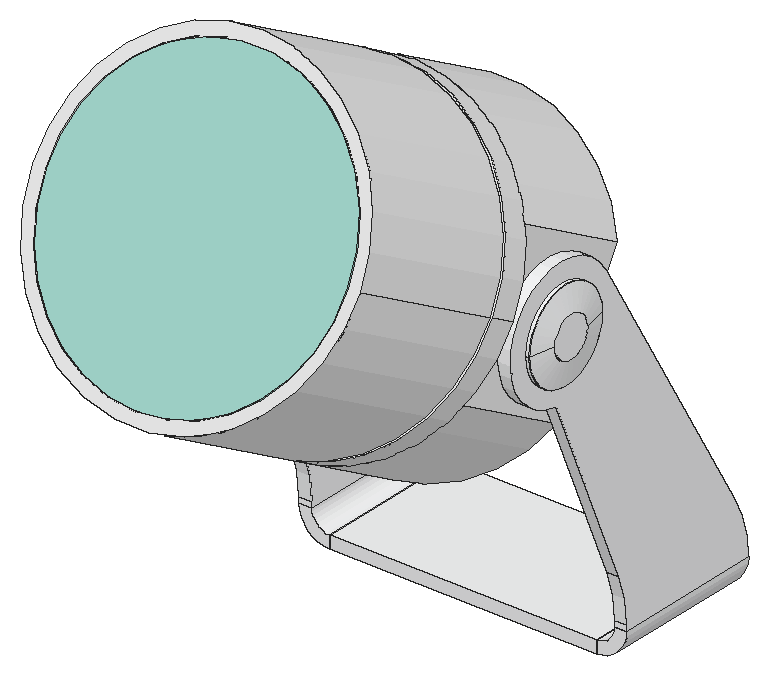
Revit family "Ginko 2.2", category Lighting Fixtures, Revit 2017
Family settings
  Round Connector Dimension = Use Diameter
  Part Type = Normal
  OmniClass Number = 23.80.70.00
  OmniClass Title = Lighting
  Work Plane-Based = Yes
  Always vertical = No
  Cut with Voids When Loaded = No
  Light Source = No
  Shared = No
  Room Calculation Point = No
Parameters (values of type "Ginko 2.2_L 45° (RGB 5W 3x500mA)")
  X1 = 100 mm
  Wiring = "series"
  Width mm = 54 mm
  Weight kg = "0.38"
  Voltage = 0 V
  Vertical rotation max = 190.00°
  Vertical Rotation max_1 [instance] = 50.00°
  Vertical Rotation Adjusted [instance] = if(Vertical Rotation 2 < Vertical Rotation min, Vertical Rotation min, if(Vertical Rotation 2 > Vertical Rotation max_1, Vertical Rotation max_1, Vertical Rotation 2))  # -60.00°
  Vertical Rotation 2 [instance] = Vertical Rotation - 90.00°  # -60.00°
  Vertical Rotation min [instance] = -140.00°
  URL Accessories and power supply units = "https://www.lucelight.it/en/prodotto.php/103341#a-scheda-accessori"
  URL = "https://www.lucelight.it/en/prodotto.php/103341"
  Top = L&L_White
  URL Technical sheet = "https://www.lucelight.it/media/prodotti/st/ST_GINKO_20-22.pdf"
  URL Image = "https://www.lucelight.it/media/prodotti/foto/ginko_2.2_still.jpg"
  URL IES Photometric file = "https://www.lucelight.it/media/prodotti/fotometrie/ginko_2.2_ies.zip"
  URL General code = "https://www.lucelight.it/en/prodotto.php/103341#a-generacodice"
  URL Description = "https://www.lucelight.it/en/capitolato.php/103341"
  URL DXF = "https://www.lucelight.it/media/prodotti/dxf/ginko_2.0-2.2.dxf"
  URL Catalogue = "https://www.lucelight.it/media/prodotti/brochure/ginko_brochure_en.pdf"
  Power supply unit = "not included"
  Power supply = "500mA"
  Power cables = "includes 1,5 m FEP+RUB cable (equivalent to H05RN-F cable) 6x0,50/0,50 Ø6,3 mm"
  Power = "5W"
  Optics = "45°"
  No. and type of led = "3 power LEDs; 50000h L90 B10  (Ta 25°C)"
  Model = "Ginko 2.2"
  Manufacturer = "L&L Luce&Light"
  Light Source = Light Source_2.2 : L45°
  Geometry = Ginko2.2_mod : Ginko_2.0
  Notes = "-"
  Mounting = "surface mounted (ceiling, wall, ground, spike)"
  Middle = L&L_White
  Material = "body in AISI 316L stainless steel or anticorodal aluminium, AISI 316L stainless steel bracket, screen in tempered, transparent extra-clear glass"
  Lumen output at source = "253 lm; 82 lm (R); 114 lm (G); 57 lm (B)"
  Description = "Outdoor projectors"
  Base = L&L_White
  Lens = L&L_Lens
  Length mm = 58 mm
  LED Colour = "RGB"
  IP = "66"
  Height mm = 107 mm
  H1 = 55 mm
  Vertical Rotation [instance] = 30.00°
  Features = "-"
  Energy efficiency class = "A A+ A++"
  Delivered lumen output = "191 lm; 70 lm (R); 90 lm (G); 31 lm (B)"
  Default Elevation = 1219.2 mm
  Cutout dimensions = "-"
  Control system = "-"
  Contact = "T: +39 0444 360571; E: lucelight@lucelight.it"
  Company = "L&L Luce&Light"
  Code = "GN2232 6 I Stainless steel; GN2232 6 E White; GN2232 6 N Black anodized; GN2232 6 F Grey; GN2232 6 H Anthracite; GN2232 6 T Cor-ten; GN2232 6 5 Jasper green"
  CRI = "-"
  Base bracket = Ginko2.0_Base bracket : Ginko2.0_Base bracket
  Bracket = L&L_Stainless steel
  Apparent Load Phase 1 = 5 W
Types (5, lengths in mm): name | Optics | Light Source
  Ginko 2.2_L 45° (RGB 5W 3x500mA) | "45°" | Light Source_2.2 : L45°
  Ginko 2.2_M 34° (RGB 5W 3x500mA) | "34°" | Light Source_2.2 : M34°
  Ginko 2.2_S 20° (RGB 5W 3x500mA) | "20°" | Light Source_2.2 : S20°
  Ginko 2.2_W 21°x42° (RGB 5W 3x500mA) | "21°x42°" | Light Source_2.2 : W21°x42°
  Ginko 2.2_X 42°x21° (RGB 5W 3x500mA) | "42°x21°" | Light Source_2.2 : X42°x21°
Reference planes
  plane 1 "Light Source Axis (F/B)": y = 0
  plane 2: z = 0
  plane 3 "Light Source Axis (L/R)": x = 0
  plane 4 "Light Source Elevation": z = 55
  plane 5: y = 100
Lines and regions (mm)
  reference lines
    curve 1: line (0, 100, 55) -> (0, 151.962, 25)
Dimensions and locks
  "X1": plane 1 "Light Source Axis (F/B)" to plane 5
  "H1": level to plane 4 "Light Source Elevation"
  "Vertical Rotation Adjusted": angle plane 1 "Light Source Axis (F/B)" to curve 1
  aligned and locked: level to plane 2
  aligned and locked: plane 5 to curve 1
  aligned and locked: plane 4 "Light Source Elevation" to curve 1
Nested families
  nested 1: "Ginko2.0_Base bracket" at (0, 100, 0), type <- "Base bracket", type "Ginko2.0_Base bracket"
  nested 2: "Ginko2.2_mod" at (0, 108.66, 50) x (1, 0, 0) z (0, -0.866, 0.5), type <- "Geometry", type "Ginko_2.0"
  nested 3: "Light Source_2.2" at (0.13, 58.18, 78.966) x (0, 0.5, 0.866) z (0, -0.866, 0.5), type <- "Light Source", type "L45°"
Connectors
  electrical at (0, 100, 0), driven by "Voltage", driven by "Apparent Load Phase 1"
    settings: index 1, voltage 0 V, apparent load 0 VA, apparent load phase1 5 VA, apparent load phase2 0 VA, apparent load phase3 0 VA, power factor 1, load classification "Lighting", number of poles 1, system type 31, power factor state 1, is connector primary yes, connector utility no, sub classification motor no, connector description ""
Definition of nested family "Ginko2.0_Base bracket"
  Parameters (values of type "Ginko2.0_Base bracket")
    Lenght Ginko braket 4 = 0.7 mm
    Lenght Ginko braket 3 = 1.6 mm
    Lenght Ginko braket 2 = 43.391 mm
    Lenght Ginko braket = 84 mm
    Default Elevation = 1219.2 mm
    Base Braket = none
  Reference planes
    plane 1 "Light Source Axis (F/B)": y = 0
    plane 2: z = 0
    plane 3 "Light Source Axis (L/R)": x = 0
    plane 4 "Light Source Elevation": z = 1500
    plane 5: x = 0
  Forms (mm)
    Extrusion 1, solid, material <- "Base Braket", detail levels coarse
      sketch origin (27, -86.295, 0) x (0, 1, 0) y (0, 0, -1)
        loop
          line (103.615, 0) -> (78.12, -60.061) -> (95.061, -60.061) -> (130.209, 0) -> (103.615, 0)
      from 0 to 54
    Extrusion 2, solid, material <- "Base Braket", detail levels medium+fine
      sketch origin (-0.3, 0, 0) x (1, 0, 0) y (0, 1, 0)
        loop
          line (22.3, 38.11) -> (-21.7, 38.11) -> (-21.7, 13.11) -> (22.3, 13.11) -> (22.3, 38.11)
      from 0 to 2
    Extrusion 3, solid, material <- "Base Braket", detail levels medium
      sketch origin (-27, 246.043, -311.567) x (0, -1, 0) y (0, 0, -1)
        loop
          arc (237.371, -371.871) -> (255.236, -372.292) -> (247.606, -356.133) r 10.5
          line (247.606, -356.133) -> (234.523, -325.313)
          arc (234.523, -325.313) -> (233.335, -321.486) -> (232.933, -317.498) r 20
          line (232.933, -317.498) -> (232.933, -316.567) -> (207.938, -316.567)
          arc (207.938, -316.567) -> (208.686, -321.582) -> (210.672, -326.247) r 20
          line (210.672, -326.247) -> (237.371, -371.871)
      from 0 to 2
    Extrusion 4, solid, material <- "Base Braket", detail levels medium
      sketch origin (151.029, 38.11, 0.083) x (-1, 0, 0) y (0, 0, -1)
        loop
          line (176.029, -4.917) -> (178.029, -4.917)
          arc (178.029, -4.917) -> (176.565, -1.382) -> (173.029, 0.083) r 5
          line (173.029, 0.083) -> (173.029, -1.917)
          arc (173.029, -1.917) -> (175.15, -2.796) -> (176.029, -4.917) r 3
      from 0 to 25
    Extrusion 5, solid, material <- "Base Braket", detail levels fine
      sketch origin (151.029, 38.11, 0.083) x (-1, 0, 0) y (0, 0, -1)
        loop
          line (176.029, -4.917) -> (178.029, -4.917)
          arc (178.029, -4.917) -> (176.565, -1.382) -> (173.029, 0.083) r 5
          line (173.029, 0.083) -> (173.029, -1.917)
          arc (173.029, -1.917) -> (175.15, -2.796) -> (176.029, -4.917) r 3
      from 0 to 25
    Extrusion 6, solid, material <- "Base Braket", detail levels fine
      sketch origin (-27, 246.043, -311.567) x (0, -1, 0) y (0, 0, -1)
        loop
          arc (237.371, -371.871) -> (255.236, -372.292) -> (247.606, -356.133) r 10.5
          line (247.606, -356.133) -> (234.523, -325.313)
          arc (234.523, -325.313) -> (233.335, -321.486) -> (232.933, -317.498) r 20
          line (232.933, -317.498) -> (232.933, -316.567) -> (207.938, -316.567)
          arc (207.938, -316.567) -> (208.686, -321.582) -> (210.672, -326.247) r 20
          line (210.672, -326.247) -> (237.371, -371.871)
      from 0 to 2
    Extrusion 7, solid, material <- "Base Braket", detail levels fine
      sketch origin (-27, 0, 0) x (0, 1, 0) y (0, 0, -1)
        loop
          circle (-0.39, -54.917) r 7.5
      from 0 to 0.7
    Blend 8, solid, material <- "Base Braket", detail levels fine
      base sketch origin (-27, 0, 0) x (0, 1, 0) y (0, 0, -1)
        loop
          circle (-0.39, -54.917) r 7.5
      top sketch origin (-27, 0, 0) x (0, 1, 0) y (0, 0, -1)
        loop
          circle (-0.39, -54.917) r 3.35
      from 0.7 to 1.6
    Extrusion 9, solid, material <- "Base Braket", detail levels fine
      sketch origin (-151.029, 38.11, 0.083) x (1, 0, 0) y (0, 0, 1)
        loop
          arc (176.029, 4.917) -> (175.15, 2.796) -> (173.029, 1.917) r 3
          line (173.029, 1.917) -> (173.029, -0.083)
          arc (173.029, -0.083) -> (176.565, 1.382) -> (178.029, 4.917) r 5
          line (178.029, 4.917) -> (176.029, 4.917)
      from 0 to 25
    Extrusion 10, solid, material <- "Base Braket", detail levels fine
      sketch origin (27, 246.043, -311.567) x (0, -1, 0) y (0, 0, 1)
        loop
          line (237.371, 371.871) -> (210.672, 326.247)
          arc (210.672, 326.247) -> (208.686, 321.582) -> (207.938, 316.567) r 20
          line (207.938, 316.567) -> (232.933, 316.567) -> (232.933, 317.498)
          arc (232.933, 317.498) -> (233.335, 321.486) -> (234.523, 325.313) r 20
          line (234.523, 325.313) -> (247.606, 356.133)
          arc (247.606, 356.133) -> (255.236, 372.292) -> (237.371, 371.871) r 10.5
      from 0 to 2
    Extrusion 11, solid, material <- "Base Braket", detail levels fine
      sketch origin (27, 0, 0) x (0, 1, 0) y (0, 0, 1)
        loop
          circle (-0.39, 54.917) r 7.5
      from 0 to 0.7
    Blend 12, solid, material <- "Base Braket", detail levels fine
      base sketch origin (27, 0, 0) x (0, 1, 0) y (0, 0, 1)
        loop
          circle (-0.39, 54.917) r 7.5
      top sketch origin (27, 0, 0) x (0, 1, 0) y (0, 0, 1)
        loop
          circle (-0.39, 54.917) r 3.35
      from 0.7 to 1.6
    Extrusion 13, solid, material <- "Base Braket", detail levels medium
      sketch origin (27, 246.043, -311.567) x (0, -1, 0) y (0, 0, 1)
        loop
          line (237.371, 371.871) -> (210.672, 326.247)
          arc (210.672, 326.247) -> (208.686, 321.582) -> (207.938, 316.567) r 20
          line (207.938, 316.567) -> (232.933, 316.567) -> (232.933, 317.498)
          arc (232.933, 317.498) -> (233.335, 321.486) -> (234.523, 325.313) r 20
          line (234.523, 325.313) -> (247.606, 356.133)
          arc (247.606, 356.133) -> (255.236, 372.292) -> (237.371, 371.871) r 10.5
      from 0 to 2
    Extrusion 14, solid, material <- "Base Braket", detail levels medium
      sketch origin (-151.029, 38.11, 0.083) x (1, 0, 0) y (0, 0, 1)
        loop
          arc (176.029, 4.917) -> (175.15, 2.796) -> (173.029, 1.917) r 3
          line (173.029, 1.917) -> (173.029, -0.083)
          arc (173.029, -0.083) -> (176.565, 1.382) -> (178.029, 4.917) r 5
          line (178.029, 4.917) -> (176.029, 4.917)
      from 0 to 25
  Dimensions and locks
    aligned and locked: level to plane 2
Definition of nested family "Ginko2.2_mod"
  Parameters (values of type "Ginko_2.0")
    Upper Snoot = none
    Radius bottom = 24.95 mm
    Radius Ginko middle = 26 mm
    Radius Ginko inside = 24.95 mm
    Radius Ginko = 27 mm
    Middle ring 3.4 = no
    Middle ring 1.4 = no
    Middle ring = no
    Middle Snoot = none
    Lower Snoot = none
    Lens = none
    Height middle ring = 4.361 mm
    Height lower ring = 26.7 mm
    Height Ginko up = 30.7 mm
    Height Ginko glass = 57.2 mm
    Height Ginko bottom = 27.5 mm
    Height Ginko = 58.2 mm
    Default Elevation = 1219.2 mm
  Reference planes
    plane 1 "Light Source Axis (F/B)": y = 0
    plane 2: z = 0
    plane 3 "Light Source Axis (L/R)": x = 0
    plane 4 "Light Source Elevation": z = 1500
    plane 5: z = 58.2
    plane 6: z = 57.2
    plane 7: z = 50.5
    plane 8: z = 27.5
    plane 9: z = 57.9
    plane 10: z = 26.7
    plane 11: z = 27.7
    plane 12: z = 13.35
  Forms (mm)
    Extrusion 1, solid, material <- "Lower Snoot", detail levels coarse
      sketch origin (0, 0, 0) x (1, 0, 0) y (0, 1, 0)
        loop
          circle (0, 0) r 27
      from 0 to 58.2
    Extrusion 2, solid, material <- "Lower Snoot", detail levels medium
      sketch origin (0, 0, 0) x (1, 0, 0) y (0, 1, 0)
        loop
          circle (0, 0) r 27
        loop
          circle (0, 0) r 24.95
      from 22 to 58.2
    Extrusion 3, solid, material <- "Lens", detail levels medium
      sketch origin (0, 0, 57.2) x (1, 0, 0) y (0, 1, 0)
        loop
          circle (0, 0) r 24.95
      from 0 to 1
    Extrusion 4, solid, material <- "Lower Snoot", detail levels fine
      sketch origin (0, 0, -27.3) x (1, 0, 0) y (0, 1, 0)
        loop
          circle (0, 0) r 27
      from 49.3 to 54
    Extrusion 5, solid, material <- "Middle Snoot", detail levels fine
      sketch origin (0, 0, 0) x (1, 0, 0) y (0, 1, 0)
        loop
          circle (0, 0) r 26
      from 26.7 to 27.7
    Extrusion 6, solid, material <- "Upper Snoot", detail levels fine
      sketch origin (0, 0, 0.2) x (1, 0, 0) y (0, 1, 0)
        loop
          circle (0, 0) r 27
        loop
          circle (0, 0) r 24.95
      from 27.3 to 58
    Extrusion 7, solid, material <- "Lens", detail levels fine
      sketch origin (0, 0, 57.2) x (1, 0, 0) y (0, 1, 0)
        loop
          circle (0, 0) r 24.95
      from 0 to 1
    Extrusion 8, solid, material <- "Lower Snoot", detail levels fine
      sketch origin (0, 0, -37.3) x (1, 0, 0) y (0, 1, 0)
        loop
          arc (-24, -12.369) -> (0, -27) -> (24, -12.369) r 27
          line (24, -12.369) -> (24, 12.369)
          arc (24, 12.369) -> (0, 27) -> (-24, 12.369) r 27
          line (-24, 12.369) -> (-24, -12.369)
      from 37.3 to 59.3
    Extrusion 9, solid, material <- "Lower Snoot", detail levels medium
      sketch origin (0, 0, 22) x (1, 0, 0) y (0, 1, 0)
        loop
          circle (0, 0) r 24.95
      from 0 to 1.5
    Extrusion 10, solid, material <- "Lower Snoot", detail levels medium
      sketch origin (0, 0, -38.35) x (1, 0, 0) y (0, 1, 0)
        loop
          arc (24, 12.369) -> (0, 27) -> (-24, 12.369) r 27
          line (-24, 12.369) -> (-24, -12.369)
          arc (-24, -12.369) -> (0, -27) -> (24, -12.369) r 27
          line (24, -12.369) -> (24, 12.369)
      from 38.35 to 60.35
  Cuts and joins
    joined: Extrusion 4, Extrusion 8
    joined: Extrusion 2, Extrusion 10
  Dimensions and locks
    plane 5 to plane 2 = 58.2 mm
    "Height Ginko": plane 5 to level
    "Height Ginko glass": plane 6 to plane 2
    level to plane 7 = 50.5 mm
    Extrusion 7 to Extrusion 6 = 1 mm
    locked: Extrusion 3 to Extrusion 2 at 1
    "Height lower ring": level to plane 10
    locked: plane 10 to plane 11 at 1
    plane 5 to plane 6 = 1 mm
    "Height Ginko up": plane 8 to plane 5
    equal spacing: plane 10, plane 12, plane 2
    "Radius Ginko": radius of Extrusion 1 sketch curve
    "Radius Ginko": radius of Extrusion 2 sketch curve
    "Radius Ginko inside": radius of Extrusion 2 sketch curve
    "Radius bottom": radius of Extrusion 3 sketch curve
    "Radius Ginko": radius of Extrusion 6 sketch curve
    "Radius Ginko inside": radius of Extrusion 6 sketch curve
    "Radius Ginko": radius of Extrusion 4 sketch curve
    "Radius Ginko middle": radius of Extrusion 5 sketch curve
    "Radius Ginko inside": radius of Extrusion 7 sketch curve
    "Radius bottom": radius of Extrusion 9 sketch curve
    "Radius Ginko": radius of Extrusion 10 sketch curve
    aligned and locked: level to plane 2
    aligned and locked: plane 5 to Extrusion 1
    aligned and locked: plane 5 to Extrusion 2
    aligned and locked: plane 5 to Extrusion 6
    aligned and locked: plane 5 to Extrusion 3
    aligned and locked: Extrusion 4 to Extrusion 5
    aligned and locked: plane 10 to Extrusion 4
    aligned and locked: Extrusion 5 to plane 10
    aligned and locked: Extrusion 5 to plane 11
    aligned and locked: Extrusion 7 to plane 6
    aligned and locked: plane 5 to Extrusion 7
    aligned and locked: Extrusion 6 to Extrusion 7
    aligned and locked: plane 8 to Extrusion 6
  Automatic sketch dimensions
    Extrusion 8 sketch curve to Extrusion 8 sketch curve = 0 mm  (x2)
    plane 1 "Light Source Axis (F/B)" to Extrusion 8 sketch curve = 0 mm
    Extrusion 8 sketch curve to plane 3 "Light Source Axis (L/R)" = 0 mm
    Extrusion 8 sketch curve to plane 1 "Light Source Axis (F/B)" = 12.369 mm  (x2)
    Extrusion 8 sketch curve to plane 3 "Light Source Axis (L/R)" = 24 mm
    plane 1 "Light Source Axis (F/B)" to Extrusion 8 sketch curve = 12.369 mm
    plane 1 "Light Source Axis (F/B)" to Extrusion 1 sketch curve = 0 mm
    Extrusion 1 sketch curve to plane 3 "Light Source Axis (L/R)" = 0 mm
    Extrusion 2 sketch curve to Extrusion 2 sketch curve = 0 mm  (x2)
    plane 1 "Light Source Axis (F/B)" to Extrusion 2 sketch curve = 0 mm
    Extrusion 2 sketch curve to plane 3 "Light Source Axis (L/R)" = 0 mm
    plane 1 "Light Source Axis (F/B)" to Extrusion 3 sketch curve = 0 mm
    Extrusion 3 sketch curve to plane 3 "Light Source Axis (L/R)" = 0 mm
    plane 1 "Light Source Axis (F/B)" to Extrusion 4 sketch curve = 0 mm
    Extrusion 4 sketch curve to plane 3 "Light Source Axis (L/R)" = 0 mm
    plane 1 "Light Source Axis (F/B)" to Extrusion 5 sketch curve = 0 mm
    Extrusion 5 sketch curve to plane 3 "Light Source Axis (L/R)" = 0 mm
    Extrusion 6 sketch curve to Extrusion 6 sketch curve = 0 mm  (x2)
    plane 1 "Light Source Axis (F/B)" to Extrusion 6 sketch curve = 0 mm
    Extrusion 6 sketch curve to plane 3 "Light Source Axis (L/R)" = 0 mm
    plane 1 "Light Source Axis (F/B)" to Extrusion 7 sketch curve = 0 mm
    Extrusion 7 sketch curve to plane 3 "Light Source Axis (L/R)" = 0 mm
    plane 1 "Light Source Axis (F/B)" to Extrusion 9 sketch curve = 0 mm
    Extrusion 9 sketch curve to plane 3 "Light Source Axis (L/R)" = 0 mm
    Extrusion 10 sketch curve to Extrusion 10 sketch curve = 0 mm  (x2)
    plane 1 "Light Source Axis (F/B)" to Extrusion 10 sketch curve = 0 mm
    Extrusion 10 sketch curve to plane 3 "Light Source Axis (L/R)" = 0 mm
    plane 1 "Light Source Axis (F/B)" to Extrusion 10 sketch curve = 12.369 mm
    Extrusion 10 sketch curve to plane 3 "Light Source Axis (L/R)" = 24 mm
    Extrusion 10 sketch curve to plane 1 "Light Source Axis (F/B)" = 12.369 mm
Definition of nested family "Light Source_2.2"
  Parameters (values of type "L45°")
    Wattage = 1.70322 W
    built-in parameter 1150110 = 1 (stored number, unit not read)
    built-in parameter 1114217 = 1 (stored number, unit not read)
    Tilt Angle = 90.00°
    built-in parameter 1150109 = 1 (stored number, unit not read)
    built-in parameter 1150134 = (empty or 0)
    built-in parameter 1150113 = 1 (stored number, unit not read)
    Photometric Web File = "GINKO 2.2 L 45° [RGB 5W 3x500mA].IES"
    Lumens = 253 lm
    built-in parameter 1150115 = 1 (stored number, unit not read)
    built-in parameter 1150105 = 20.133 (stored number, unit not read)
    built-in parameter 1150137 = (empty or 0)
    built-in parameter 1150139 = (empty or 0)
    built-in parameter 1150112 = 1 (stored number, unit not read)
    built-in parameter 1150114 = 1 (stored number, unit not read)
    built-in parameter 1150132 = 2
    built-in parameter 1150102 = (empty or 0)
    built-in parameter 1150138 = (empty or 0)
    built-in parameter 1150107 = 3000 (stored number, unit not read)
    built-in parameter 1150106 = 0.20133 (stored number, unit not read)
    built-in parameter 1150104 = 13.8 (stored number, unit not read)
    Dimming Lamp Color Temperature Shift = (empty or 0)
    Default Elevation = 1219.2 mm
    Color Filter = 16777215
    built-in parameter 1114218 = 1 (stored number, unit not read)
    built-in parameter 1150133 = 10 (stored number, unit not read)
  Types (5, lengths in mm): name | Photometric Web File
    L45° | "GINKO 2.2 L 45° [RGB 5W 3x500mA].IES"
    M34° | "GINKO 2.2 M 34° [RGB 5W 3x500mA].IES"
    S20° | "GINKO 2.2 S 20° [RGB 5W 3x500mA].IES"
    W21°x42° | "GINKO 2.2 W 21°x42° [RGB 5W 3x500mA].IES"
    X42°x21° | "GINKO 2.2 X 42°x21° [RGB 5W 3x500mA].IES"
  Reference planes
    plane 1 "Light Source Axis (F/B)": y = 0
    plane 2: z = 0
    plane 3 "Light Source Axis (L/R)": x = 0
    plane 4 "Light Source Elevation": z = 0
  Dimensions and locks
    aligned and locked: plane 3 "Light Source Axis (L/R)" to imposter light
    aligned and locked: plane 1 "Light Source Axis (F/B)" to imposter light
    aligned and locked: plane 4 "Light Source Elevation" to imposter light
    aligned and locked: level to plane 2
